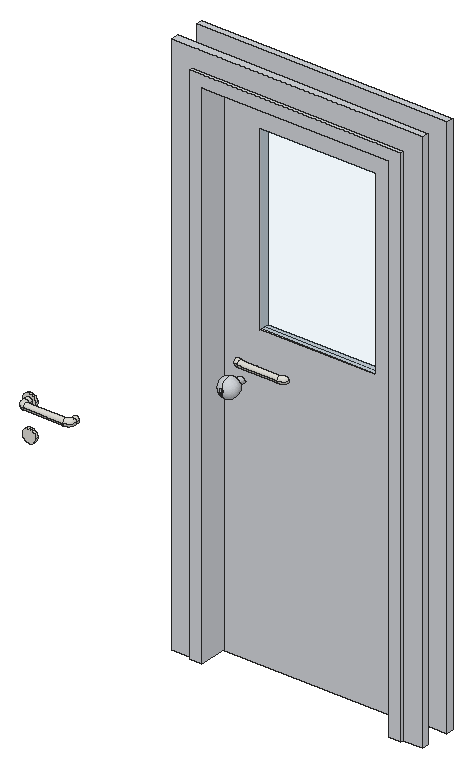
Revit family
Parameters
  프레임 투영 외부 = 25 mm
  프레임 투영 내부 = 25 mm
  프레임 폭 = 75 mm
  창호부호 = "SD"
  문틀재료 = "1.6mm ST'L EGI PL\r\n"
  문틀마감 = "조합페인트"
  문짝재료 = "1.2mm ST'L EGI PL  양면\r\n"
  문짝마감 = "정전분체도장"
  문번호 = "1"
  Height = 2000 mm
  Wall Closure = (empty or 0)
  Width = 800 mm
  Function = (empty or 0)
  Assembly Code = ""
Reference planes
  plane 1: y = 0
  plane 2 "중심(왼쪽/오른쪽)": x = 0
  plane 3 "왼쪽": x = -400
  plane 4 "오른쪽": x = 400
  plane 5: z = 2000
  plane 6 "외부": y = 45
  plane 7 "내부": y = -45
  plane 8 "축": x = -290
  plane 9: z = 940
  plane 10: y = 75
  plane 11: y = -75
Forms (mm)
  Extrusion 1, solid
    sketch origin (-3050, -45, 0) x (1, 0, 0) y (0, 0, 1)
      loop
        line (2575, 0) -> (2650, 0) -> (2650, 2000) -> (3450, 2000) -> (3450, 0) -> (3525, 0) -> (3525, 2075) -> (2575, 2075) -> (2575, 0)
    from 0 to 25
  Extrusion 2, solid
    sketch origin (-3050, 45, 0) x (-1, 0, 0) y (0, 0, 1)
      loop
        line (-2650, 0) -> (-2575, 0) -> (-2575, 2075) -> (-3525, 2075) -> (-3525, 0) -> (-3450, 0) -> (-3450, 2000) -> (-2650, 2000) -> (-2650, 0)
    from 0 to 25
  Sweep 3, solid
    path origin (0, -45, 0) x (1, 0, 0) y (0, 0, 1)
      loop
        line (-400, 0) -> (-400, 2000) -> (400, 2000) -> (400, 0)
    profile origin (-400, -45, 1000) x (-1, 0, 0) y (0, -1, 0)
      loop
        line (0, 35) -> (-45, 35) -> (-45, -70) -> (-30, -70) -> (-30, -115) -> (0, -115) -> (0, 35)
  Extrusion 4, solid
    sketch origin (0, 0, 0) x (1, 0, 0) y (0, 1, 0)
      loop
        line (-370, 25) -> (370, 25) -> (370, 65) -> (-370, 65) -> (-370, 25)
    from 0 to 1970
  Revolve 5, solid
    sketch origin (-290, -40, 0) x (0, -1, 0) y (0, 0, 1)
      loop
        arc (-119.576, 952.903) -> (-154.211, 974.937) -> (-185.957, 948.912) r 35
        line (-185.957, 948.912) -> (-182.421, 945.376) -> (-182.421, 940) -> (22.421, 940) -> (22.421, 945.376) -> (25.957, 948.912)
        arc (25.957, 948.912) -> (-5.789, 974.937) -> (-40.424, 952.903) r 35
        line (-40.424, 952.903) -> (-119.576, 952.903)
      axis (25.957, 940) -> (-185.957, 940)
    angle from 0 to 360
  Extrusion 6, void
    sketch origin (0, 45, 0) x (1, 0, 0) y (0, 0, 1)
      loop
        line (220, 1820) -> (-220, 1820) -> (-220, 1135) -> (220, 1135) -> (220, 1820)
    from -463.455 to 250
  Extrusion 7, solid, material "유리"
    sketch origin (0, 45, 0) x (1, 0, 0) y (0, 0, 1)
      loop
        line (220, 1820) -> (-220, 1820) -> (-220, 1135) -> (220, 1135) -> (220, 1820)
    from 0 to 16
Cuts and joins
  Extrusion 6 cuts Extrusion 1
  Extrusion 6 cuts Extrusion 2
  Extrusion 6 cuts Sweep 3
  Extrusion 6 cuts Extrusion 4
  Extrusion 6 cuts Revolve 5
Lines and regions (mm)
  Opening 1
    outline origin (-3050, -45, 0) x (1, 0, 0) y (0, 0, 1)
      loop
        line (2650, 0) -> (3450, 0) -> (3450, 2000) -> (2650, 2000) -> (2650, 0)
  symbolic lines, style "입면도 스윙"
    curve 1: line (400, -45, 1000) -> (-850, -45, 2000)
    curve 2: line (400, -45, 1000) -> (-400, -45, 0)
    curve 3: line (-400, 45, 0) -> (400, 45, 1000)
    curve 4: line (400, 45, 1000) -> (-400, 45, 1640)
  symbolic lines, style "Doors"
    curve 5: line (370, 764.907, 0) -> (370, 25, 0)
    curve 6: line (330, 764.907, 0) -> (370, 764.907, 0)
    curve 7: line (330, 25, 0) -> (330, 764.907, 0)
    curve 8: line (370, 25, 0) -> (330, 25, 0)
    curve 9: arc (330, 764.907, 0) -> (-169.129, 536.039, 0) -> (-370, 25, 0) r 734.348
Text (mm)
  text "Exterior" at (-2295.016, 1099.543, 0), in view "참조 레벨"
  text "Exterior" at (0, 1615.38, 3698.081), in view "왼쪽"
  text "Exterior" at (0, 1036.032, 3874.932), in view "오른쪽"
Dimensions and locks
  equal spacing: plane 3 "왼쪽", plane 2 "중심(왼쪽/오른쪽)", plane 4 "오른쪽"
  "Width": plane 3 "왼쪽" to plane 4 "오른쪽"
  "Height": plane 5 to host wall
  equal spacing: host wall, curve 2, plane 5
  equal spacing: host wall, curve 4, plane 5
  "프레임 투영 외부": Extrusion 2 to Extrusion 2
  "프레임 투영 내부": Extrusion 1 to Extrusion 1
  "프레임 폭": plane 3 "왼쪽" to Extrusion 1 sketch curve
  "프레임 폭": plane 4 "오른쪽" to Extrusion 1 sketch curve
  "프레임 폭": Extrusion 1 sketch curve to plane 5
  "프레임 폭": plane 4 "오른쪽" to Extrusion 2 sketch curve
  "프레임 폭": plane 3 "왼쪽" to Extrusion 2 sketch curve
  "프레임 폭": plane 5 to Extrusion 2 sketch curve
  locked: plane 6 "외부" to host wall at 0
  locked: plane 7 "내부" to host wall
  locked: plane 3 "왼쪽" to plane 8 "축" at 110
  aligned and locked: plane 3 "왼쪽" to Opening 1 sketch curve
  aligned and locked: plane 5 to Opening 1 sketch curve  (x2)
  aligned and locked: Opening 1 sketch curve to plane 4 "오른쪽"
  aligned and locked: Opening 1 sketch curve to level
  aligned and locked: level to Extrusion 1 sketch curve
  aligned and locked: plane 5 to Extrusion 1 sketch curve  (x2)
  aligned and locked: Extrusion 1 sketch curve to plane 4 "오른쪽"
  aligned and locked: Extrusion 1 sketch curve to plane 3 "왼쪽"
  aligned and locked: plane 3 "왼쪽" to Extrusion 2 sketch curve
  aligned and locked: plane 5 to Extrusion 2 sketch curve  (x2)
  aligned and locked: level to Extrusion 2 sketch curve
  aligned and locked: plane 5 to curve 1
  aligned and locked: plane 3 "왼쪽" to curve 2
  aligned and locked: plane 1 to host wall
  aligned and locked: Extrusion 4 sketch curve to Sweep 3  (x2)
  aligned and locked: Extrusion 4 to Sweep 3
  aligned and locked: Sweep 3 sketch curve to plane 5
  aligned and locked: Sweep 3 sketch curve to plane 4 "오른쪽"
  aligned and locked: plane 3 "왼쪽" to Sweep 3 sketch curve
  aligned and locked: Extrusion 7 sketch curve to cut or joined group of Extrusion 4, Extrusion 6  (x4)
Automatic sketch dimensions
  Extrusion 2 sketch curve to plane 4 "오른쪽" = 0 mm
  Extrusion 1 sketch curve to level = 0 mm
  Extrusion 2 sketch curve to level = 0 mm
  curve 4 to plane 3 "왼쪽" = 0 mm
  curve 3 to level = 0 mm
  curve 2 to level = 0 mm
  curve 3 to plane 3 "왼쪽" = 0 mm
  curve 3 to plane 4 "오른쪽" = 0 mm
  curve 2 to plane 4 "오른쪽" = 0 mm
  Sweep 3 sketch curve to level = 0 mm  (x2)
  Extrusion 4 sketch curve to host wall = 20 mm
  host wall to Extrusion 4 sketch curve = 20 mm
  Revolve 5 sketch curve to Revolve 5 sketch curve = 3.536 mm  (x4)
  Revolve 5 sketch curve to plane 9 = 0 mm  (x4)
  Revolve 5 sketch curve to Revolve 5 sketch curve = 35.677 mm
  Revolve 5 sketch curve to Revolve 5 sketch curve = 30.311 mm
  Revolve 5 sketch curve to Revolve 5 sketch curve = 79.151 mm
  host wall to Revolve 5 sketch curve = 32.11 mm
  host wall to Revolve 5 sketch curve = 62.421 mm
  Revolve 5 sketch curve to plane 9 = 5.376 mm  (x2)
  Revolve 5 sketch curve to Revolve 5 sketch curve = 32.535 mm
  Revolve 5 sketch curve to host wall = 15 mm
  curve 9 to host wall = 20 mm
  curve 9 to plane 3 "왼쪽" = 30 mm
  plane 4 "오른쪽" to curve 9 = 70 mm
  curve 9 to host wall = 13.639 mm
  curve 7 to curve 9 = 34.321 mm
  plane 4 "오른쪽" to curve 6 = 30 mm
  curve 5 to curve 9 = 6.361 mm
  Extrusion 6 sketch curve to plane 8 "축" = 70 mm
  plane 4 "오른쪽" to Extrusion 6 sketch curve = 180 mm
  plane 5 to Extrusion 6 sketch curve = 865 mm
  plane 5 to Extrusion 6 sketch curve = 180 mm
  Sweep 3 sketch curve to profile plane = 0 mm
  profile plane to Sweep 3 sketch curve = 30 mm
  profile plane to Sweep 3 sketch curve = 45 mm
  Sweep 3 sketch curve to plane 7 "내부" = 115 mm
  Sweep 3 sketch curve to Sweep 3 sketch curve = 45 mm
  plane 7 "내부" to Sweep 3 sketch curve = 35 mm
Nested families
  nested 1: "KO_Door Handle" at (-270, 95, 0), type "KO_Door Handle"
  nested 2: "KO_Door Handle" at (-300, 55, 0), type "KO_Door Handle"
  nested 3: "KO_Door Handle" at (-635, -540, 0), type "KO_Door Handle"
Definition of nested family "KO_Door Handle"
  Reference planes
    plane 1 "중심(앞/뒤)": y = 0
    plane 2: z = 0
    plane 3 "중심(왼쪽/오른쪽)": x = 0
    plane 4 "하드웨어": z = 1000
  Forms (mm)
    Sweep 1, solid, material "하드웨어", detail levels fine
      path origin (0, 0, 1000) x (0, -1, 0) y (1, 0, 0)
        loop
          line (0, 0) -> (25, 0)
          arc (25, 0) -> (35.607, 4.393) -> (40, 15) r 15
          line (40, 15) -> (40, 165)
          arc (40, 165) -> (35.607, 175.607) -> (25, 180) r 15
          line (25, 180) -> (10, 180)
      profile origin (0, -12.5, 0) x (1, 0, 0) y (0, 0, 1)
        loop
          circle (0, 1000) r 12
    Extrusion 2, solid, material "하드웨어", detail levels fine
      sketch origin (0, 0, 0) x (1, 0, 0) y (0, 0, 1)
        loop
          circle (1.5, 1000) r 25
      from 0 to 8
    Extrusion 3, solid, material "하드웨어", detail levels fine
      sketch origin (0, 0, -120) x (1, 0, 0) y (0, 0, 1)
        loop
          circle (1.5, 1000) r 25
      from 0 to 8
  Cuts and joins
    joined: Sweep 1, Extrusion 2
  Dimensions and locks
    locked: plane 4 "하드웨어" to plane 2 at 1000
    locked: plane 4 "하드웨어" to Extrusion 3 at 120
